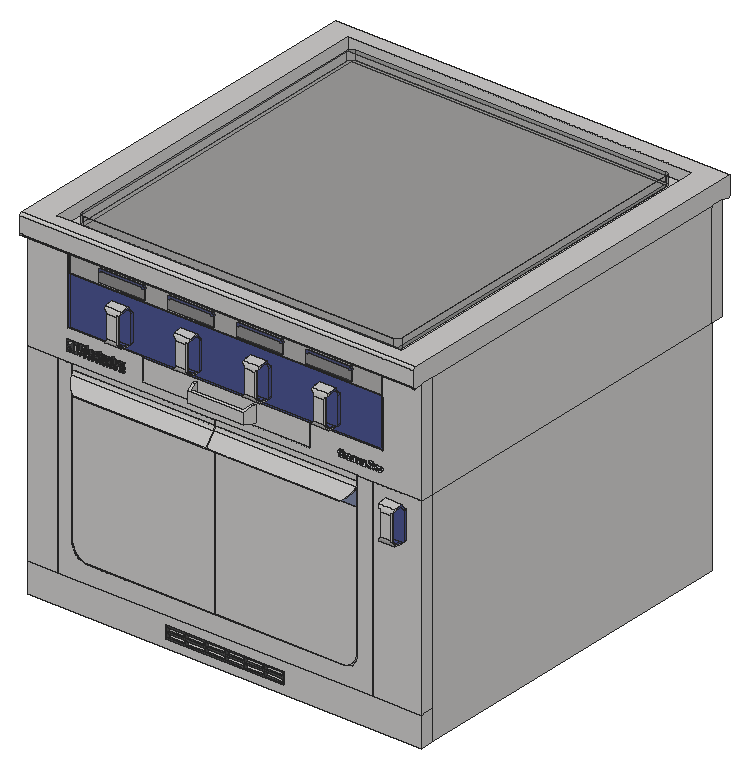
Revit family "QF_ELECTROLUXPROFESSIONAL_588469_MATHEAH4AO", category Attrezzature speciali, Revit 2020 (continued)
Definition of nested family "Front_Panel_W800_Four Knobs"
  Definition of nested family "ELX_Professional_Logo_Small"
    Forms (mm)
      Extrusion 2, solid, material <- "Material_Logo"
        sketch origin (15.5, 0, 0) x (1, 0, 0) y (0, 1, 0)
          loop
            spline (15.638, 1.633) -> (15.586, 2.396) -> (15.435, 3.124) -> (15.192, 3.81) -> (14.863, 4.449) -> (14.455, 5.034) -> (13.975, 5.56) -> (13.43, 6.021) -> (12.826, 6.411) -> (12.17, 6.724) -> (11.469, 6.955) -> (10.729, 7.098) -> (9.958, 7.147)
            spline (9.958, 7.147) -> (9.182, 7.098) -> (8.44, 6.955) -> (7.737, 6.724) -> (7.081, 6.411) -> (6.477, 6.021) -> (5.933, 5.56) -> (5.454, 5.034) -> (5.048, 4.449) -> (4.721, 3.81) -> (4.479, 3.124) -> (4.329, 2.396) -> (4.277, 1.633)
            spline (4.277, 1.633) -> (4.329, 0.869) -> (4.479, 0.141) -> (4.721, -0.544) -> (5.048, -1.183) -> (5.454, -1.768) -> (5.933, -2.294) -> (6.477, -2.755) -> (7.081, -3.145) -> (7.737, -3.459) -> (8.44, -3.69) -> (9.182, -3.833) -> (9.958, -3.882)
            spline (9.958, -3.882) -> (10.729, -3.833) -> (11.469, -3.69) -> (12.17, -3.459) -> (12.826, -3.145) -> (13.43, -2.755) -> (13.975, -2.294) -> (14.455, -1.768) -> (14.863, -1.183) -> (15.192, -0.544) -> (15.435, 0.141) -> (15.586, 0.869) -> (15.638, 1.633)
          loop
            spline (13.18, 1.633) -> (13.151, 2.083) -> (13.067, 2.513) -> (12.932, 2.918) -> (12.748, 3.296) -> (12.52, 3.642) -> (12.251, 3.954) -> (11.943, 4.227) -> (11.601, 4.459) -> (11.228, 4.645) -> (10.828, 4.782) -> (10.403, 4.867) -> (9.958, 4.896)
            spline (9.958, 4.896) -> (9.509, 4.867) -> (9.081, 4.782) -> (8.679, 4.645) -> (8.306, 4.459) -> (7.964, 4.227) -> (7.658, 3.954) -> (7.39, 3.642) -> (7.163, 3.296) -> (6.981, 2.918) -> (6.847, 2.513) -> (6.765, 2.083) -> (6.736, 1.633)
            spline (6.736, 1.633) -> (6.765, 1.182) -> (6.847, 0.753) -> (6.981, 0.347) -> (7.163, -0.031) -> (7.39, -0.377) -> (7.658, -0.689) -> (7.964, -0.962) -> (8.306, -1.193) -> (8.679, -1.38) -> (9.081, -1.517) -> (9.509, -1.602) -> (9.958, -1.631)
            spline (9.958, -1.631) -> (10.403, -1.602) -> (10.828, -1.517) -> (11.228, -1.38) -> (11.601, -1.193) -> (11.943, -0.962) -> (12.251, -0.689) -> (12.52, -0.377) -> (12.748, -0.031) -> (12.932, 0.347) -> (13.067, 0.753) -> (13.151, 1.182) -> (13.18, 1.633)
          loop
            line (17.162, 4.269) -> (17.162, -3.573) -> (19.642, -3.573) -> (19.642, 10.824) -> (17.162, 10.824) -> (17.162, 4.269)
          loop
            line (28.581, 6.838) -> (28.581, 0.786)
            spline (28.581, 0.786) -> (28.561, 0.393) -> (28.503, 0.038) -> (28.409, -0.279) -> (28.281, -0.559) -> (28.122, -0.802) -> (27.933, -1.011) -> (27.717, -1.185) -> (27.476, -1.325) -> (27.213, -1.433) -> (26.929, -1.509) -> (26.626, -1.554) -> (26.308, -1.569)
            spline (26.308, -1.569) -> (25.99, -1.554) -> (25.688, -1.509) -> (25.404, -1.434) -> (25.141, -1.326) -> (24.9, -1.187) -> (24.684, -1.014) -> (24.496, -0.807) -> (24.336, -0.565) -> (24.209, -0.288) -> (24.115, 0.026) -> (24.057, 0.376) -> (24.037, 0.765)
            line (24.037, 0.765) -> (24.037, 6.838) -> (21.537, 6.838) -> (21.537, 0.558)
            spline (21.537, 0.558) -> (21.581, -0.153) -> (21.71, -0.8) -> (21.916, -1.384) -> (22.195, -1.904) -> (22.54, -2.362) -> (22.944, -2.757) -> (23.403, -3.09) -> (23.909, -3.362) -> (24.456, -3.572) -> (25.04, -3.722) -> (25.652, -3.811) -> (26.288, -3.841)
            spline (26.288, -3.841) -> (26.929, -3.811) -> (27.547, -3.72) -> (28.135, -3.568) -> (28.687, -3.355) -> (29.197, -3.079) -> (29.66, -2.741) -> (30.068, -2.341) -> (30.415, -1.877) -> (30.696, -1.349) -> (30.905, -0.757) -> (31.034, -0.101) -> (31.079, 0.621)
            line (31.079, 0.621) -> (31.079, 6.838) -> (28.581, 6.838)
          loop
            line (40.457, -0.243) -> (38.894, 1.942) -> (40.83, 4.579) -> (42.488, 6.837) -> (39.782, 6.837) -> (37.53, 3.719) -> (35.258, 6.837) -> (32.573, 6.837) -> (34.113, 4.731) -> (36.167, 1.922) -> (34.014, -1.076) -> (32.222, -3.573) -> (34.887, -3.573) -> (37.53, 0.104) -> (40.174, -3.573) -> (42.839, -3.573) -> (40.457, -0.243)
          loop
            line (-46.121, -5.837) -> (-48.039, -5.837) -> (-48.039, -10.814) -> (-47.016, -10.814) -> (-47.016, -9.128) -> (-46.121, -9.128)
            arc (-46.121, -9.128) -> (-44.476, -7.482) -> (-46.121, -5.837) r 1.645
          loop
            line (-46.163, -6.778) -> (-47.016, -6.778) -> (-47.016, -8.187) -> (-46.163, -8.187)
            arc (-46.163, -8.187) -> (-45.458, -7.482) -> (-46.163, -6.778) r 0.704
          loop
            line (-38.313, -5.837) -> (-40.265, -5.837) -> (-40.265, -10.814) -> (-39.241, -10.814) -> (-39.241, -9.1) -> (-38.46, -9.182) -> (-37.48, -10.814) -> (-36.318, -10.814) -> (-37.513, -8.848)
            arc (-37.513, -8.848) -> (-36.888, -8.266) -> (-36.671, -7.441) r 1.536
            arc (-36.671, -7.441) -> (-37.165, -6.305) -> (-38.313, -5.837) r 1.643
          loop
            arc (-38.402, -8.166) -> (-37.707, -7.505) -> (-38.334, -6.778) r 0.696
            line (-38.334, -6.778) -> (-39.241, -6.778) -> (-39.241, -8.166) -> (-38.402, -8.166)
          loop
            circle (-29.965, -8.325) r 2.585
          loop
            circle (-29.965, -8.325) r 1.64
          loop
            line (-23.1, -5.837) -> (-23.1, -10.814) -> (-22.076, -10.814) -> (-22.076, -8.768) -> (-20.204, -8.768) -> (-20.204, -7.828) -> (-22.076, -7.828) -> (-22.076, -6.778) -> (-20.024, -6.778) -> (-20.024, -5.837) -> (-23.1, -5.837)
          loop
            line (-15.802, -5.837) -> (-15.802, -9.2)
            arc (-15.802, -9.2) -> (-15.343, -10.34) -> (-14.209, -10.814) r 1.593
            line (-14.209, -10.814) -> (-12.602, -10.814) -> (-12.602, -10.027) -> (-14.004, -10.027)
            arc (-14.004, -10.027) -> (-14.552, -9.8) -> (-14.779, -9.252) r 0.775
            line (-14.779, -9.252) -> (-14.779, -8.424) -> (-12.789, -8.424) -> (-12.789, -7.642) -> (-14.779, -7.642) -> (-14.779, -6.778) -> (-12.651, -6.778) -> (-12.651, -5.837) -> (-15.802, -5.837)
          loop
            line (-5.909, -7.143) -> (-5.173, -6.638)
            arc (-5.173, -6.638) -> (-5.855, -5.974) -> (-6.781, -5.755) r 1.782
            arc (-6.781, -5.755) -> (-7.397, -5.878) -> (-7.944, -6.189) r 1.974
            arc (-7.944, -6.189) -> (-8.202, -6.5) -> (-8.317, -6.888) r 1.013
            arc (-8.317, -6.888) -> (-8.306, -7.341) -> (-8.192, -7.78) r 1.985
            arc (-8.192, -7.78) -> (-7.749, -8.259) -> (-7.171, -8.563) r 1.928
            arc (-7.171, -8.563) -> (-6.637, -8.779) -> (-6.131, -9.056) r 5.041
            arc (-6.131, -9.056) -> (-5.934, -9.387) -> (-6.09, -9.74) r 0.42
            arc (-6.09, -9.74) -> (-6.631, -9.96) -> (-7.204, -9.845) r 1.016
            arc (-7.204, -9.845) -> (-7.625, -9.603) -> (-7.889, -9.196) r 1.033
            line (-7.889, -9.196) -> (-8.67, -9.686)
            arc (-8.67, -9.686) -> (-8.361, -10.198) -> (-7.908, -10.589) r 1.914
            arc (-7.908, -10.589) -> (-7.334, -10.834) -> (-6.714, -10.896) r 2.063
            arc (-6.714, -10.896) -> (-5.947, -10.743) -> (-5.256, -10.376) r 2.696
            arc (-5.256, -10.376) -> (-4.95, -9.565) -> (-5.108, -8.712) r 1.618
            arc (-5.108, -8.712) -> (-5.448, -8.319) -> (-5.884, -8.035) r 1.876
            arc (-5.884, -8.035) -> (-6.434, -7.789) -> (-6.999, -7.577) r 9.883
            arc (-6.999, -7.577) -> (-7.325, -7.07) -> (-6.854, -6.694) r 0.45
            arc (-6.854, -6.694) -> (-6.329, -6.809) -> (-5.909, -7.143) r 1.197
          loop
            line (1.61, -7.143) -> (2.345, -6.638)
            arc (2.345, -6.638) -> (1.663, -5.974) -> (0.737, -5.755) r 1.782
            arc (0.737, -5.755) -> (0.121, -5.878) -> (-0.425, -6.189) r 1.974
            arc (-0.425, -6.189) -> (-0.683, -6.5) -> (-0.799, -6.888) r 1.013
            arc (-0.799, -6.888) -> (-0.788, -7.341) -> (-0.674, -7.78) r 1.985
            arc (-0.674, -7.78) -> (-0.231, -8.259) -> (0.347, -8.563) r 1.928
            arc (0.347, -8.563) -> (0.881, -8.779) -> (1.387, -9.056) r 5.041
            arc (1.387, -9.056) -> (1.584, -9.387) -> (1.428, -9.74) r 0.42
            arc (1.428, -9.74) -> (0.887, -9.96) -> (0.314, -9.845) r 1.016
            arc (0.314, -9.845) -> (-0.107, -9.603) -> (-0.371, -9.196) r 1.033
            line (-0.371, -9.196) -> (-1.152, -9.686)
            arc (-1.152, -9.686) -> (-0.842, -10.198) -> (-0.39, -10.589) r 1.914
            arc (-0.39, -10.589) -> (0.184, -10.834) -> (0.804, -10.896) r 2.063
            arc (0.804, -10.896) -> (1.572, -10.743) -> (2.263, -10.376) r 2.696
            arc (2.263, -10.376) -> (2.568, -9.565) -> (2.411, -8.712) r 1.618
            arc (2.411, -8.712) -> (2.07, -8.319) -> (1.635, -8.035) r 1.876
            arc (1.635, -8.035) -> (1.084, -7.789) -> (0.519, -7.577) r 9.883
            arc (0.519, -7.577) -> (0.193, -7.07) -> (0.665, -6.694) r 0.45
            arc (0.665, -6.694) -> (1.189, -6.809) -> (1.61, -7.143) r 1.197
          loop
            line (6.801, -5.837) -> (6.801, -10.814) -> (7.825, -10.814) -> (7.825, -5.837) -> (6.801, -5.837)
          loop
            circle (14.724, -8.325) r 1.548
          loop
            circle (14.724, -8.325) r 2.585
          loop
            line (21.59, -10.814) -> (22.623, -10.814) -> (22.623, -7.685) -> (24.9, -10.814) -> (25.895, -10.814) -> (25.895, -5.837) -> (24.861, -5.837) -> (24.861, -9.061) -> (22.585, -5.837) -> (21.59, -5.837) -> (21.59, -10.814)
          loop
            line (31.054, -10.814) -> (31.539, -9.74) -> (33.38, -9.74) -> (33.865, -10.814) -> (34.965, -10.814) -> (32.46, -5.837) -> (29.956, -10.814) -> (31.054, -10.814)
          loop
            line (32.46, -7.698) -> (31.999, -8.719) -> (32.921, -8.719) -> (32.46, -7.698)
          loop
            line (40.047, -9.873) -> (40.047, -5.837) -> (39.024, -5.837) -> (39.024, -10.814) -> (41.961, -10.814) -> (41.961, -9.873) -> (40.047, -9.873)
          loop
            line (-74.986, -10.814) -> (-53.322, -10.814) -> (-53.322, 10.82) -> (-74.986, 10.82) -> (-74.986, -10.814)
          loop
            line (-61.261, 9.758) -> (-61.261, -9.707)
            arc (-61.261, -9.707) -> (-54.066, 0.025) -> (-61.261, 9.758) r 10.18
          loop
            line (-62.251, 8.349) -> (-62.251, 9.758)
            arc (-62.251, 9.758) -> (-70.347, 7.918) -> (-74.247, 0.59) r 9.976
            line (-74.247, 0.59) -> (-71.026, 0.59)
            arc (-71.026, 0.59) -> (-65.274, 2.925) -> (-62.251, 8.349) r 9.351
          loop
            arc (-74.247, -0.539) -> (-70.353, -7.928) -> (-62.251, -9.957) r 10.237
            line (-62.251, -9.957) -> (-62.251, -8.298)
            arc (-62.251, -8.298) -> (-65.274, -2.874) -> (-71.026, -0.539) r 9.351
            line (-71.026, -0.539) -> (-74.247, -0.539)
        from 0 to 1.644
    Dimensions and locks
      aligned and locked: plane 2 to Extrusion 1
      aligned and locked: level to Extrusion 1
Definition of nested family "H450H2_2DOOR"
  Parameters
    Width [instance] = 580 mm
    Wdoor [instance] = Width / 2  # 290 mm
    Show Clearance [instance] = yes
    Model = "727995"
    Height = 450 mm
    Default Elevation = 0 mm
  Reference planes
    plane 1 "Center (Front/Back)": y = 0
    plane 2: z = 0
    plane 3 "Center (Left/Right)": x = 36.042
    plane 4 "panel": z = 25
    plane 5: x = -253.958
    plane 6: x = 326.042
    plane 7: y = 450
    plane 8: z = 290
    plane 9: z = 45
  Forms (mm)
    Extrusion 1, solid
      sketch origin (0, -919.2, 0) x (1, 0, 0) y (0, 1, 0)
        loop
          line (-980.5, 2119.2) -> (-980.5, -162.846) -> (881.94, -162.846) -> (881.94, 2119.2) -> (-980.5, 2119.2)
      from 0 to -59.546
    Extrusion 2, solid
      sketch origin (0, 0, 0) x (1, 0, 0) y (0, 1, 0)
        loop
          line (324.042, 393) -> (37.042, 393) -> (37.042, 97) -> (294.042, 97)
          arc (294.042, 97) -> (315.255, 105.787) -> (324.042, 127) r 30
          line (324.042, 127) -> (324.042, 393)
        loop
          arc (-251.958, 127) -> (-243.171, 105.787) -> (-221.958, 97) r 30
          line (-221.958, 97) -> (35.042, 97) -> (35.042, 393) -> (-251.958, 393) -> (-251.958, 127)
      from 0 to 25
    Extrusion 3, solid
      sketch origin (0, 0, 0) x (1, 0, 0) y (0, 1, 0)
        loop
          line (-251.958, 393) -> (35.042, 393) -> (35.042, 440) -> (-251.958, 440) -> (-251.958, 393)
        loop
          line (37.042, 440) -> (37.042, 393) -> (324.042, 393) -> (324.042, 440) -> (37.042, 440)
      from 0 to 25
    Extrusion 4, solid
      sketch origin (5.581, 79.805, 0) x (1, 0, 0) y (0, 1, 0)
        loop
          line (-257.539, 360.195) -> (29.461, 360.195) -> (29.461, 370.195) -> (-257.539, 370.195) -> (-257.539, 360.195)
        loop
          line (31.461, 370.195) -> (31.461, 360.195) -> (318.461, 360.195) -> (318.461, 370.195) -> (31.461, 370.195)
      from 0 to 25
    Extrusion 5, solid
      sketch origin (36.042, 0, 0) x (0, 1, 0) y (0, 0, 1)
        loop
          line (426.693, 25) -> (440.02, 25)
          arc (440.02, 25) -> (435.261, 25.775) -> (430.993, 28.02) r 15
          line (430.993, 28.02) -> (406.653, 46.362) -> (403.644, 42.369) -> (426.693, 25)
      from 1 to 288
    Extrusion 6, solid
      sketch origin (36.042, 0, 0) x (0, 1, 0) y (0, 0, 1)
        loop
          line (426.693, 25) -> (440.02, 25)
          arc (440.02, 25) -> (435.261, 25.775) -> (430.993, 28.02) r 15
          line (430.993, 28.02) -> (406.653, 46.362) -> (403.644, 42.369) -> (426.693, 25)
      from -288 to -1
    Extrusion 7, void
      sketch origin (0, 0, 0) x (1, 0, 0) y (0, 1, 0)
        loop
          arc (324.042, 426.693) -> (314.508, 412.772) -> (300.317, 403.644) r 42.603
          line (300.317, 403.644) -> (324.042, 403.644) -> (324.042, 426.693)
      from 0 to 47.9
    Extrusion 8, void
      sketch origin (72.084, 0, 0) x (-1, 0, 0) y (0, -1, 0)
        loop
          line (324.042, -426.693) -> (324.042, -403.644) -> (300.317, -403.644)
          arc (300.317, -403.644) -> (314.508, -412.772) -> (324.042, -426.693) r 42.603
      from 0 to 47.9
    Extrusion 9, solid, detail levels coarse
      sketch origin (0, 0, 0) x (1, 0, 0) y (0, 0, 1)
        loop
          arc (36.042, 25) -> (-41.575, 212.383) -> (-228.958, 290) r 265
          line (-228.958, 290) -> (-228.958, 25) -> (36.042, 25)
      from -450 to -97
    Extrusion 10, solid, detail levels coarse
      sketch origin (0, 0, 0) x (1, 0, 0) y (0, 0, 1)
        loop
          arc (301.042, 290) -> (113.659, 212.383) -> (36.042, 25) r 265
          line (36.042, 25) -> (301.042, 25) -> (301.042, 290)
      from -450 to -97
  Cuts and joins
    Extrusion 8 cuts Extrusion 6
    Extrusion 7 cuts Extrusion 5
  Lines and regions (mm)
    symbolic lines
      curve 1: line (326.042, 0, 45) -> (326.042, 0, 290)
      curve 2: line (301.042, 0, 45) -> (301.042, 0, 290)
      curve 3: line (326.042, 0, 290) -> (301.042, 0, 290)
      curve 4: line (-253.958, 0, 45) -> (-253.958, 0, 290)
      curve 5: line (-228.958, 0, 45) -> (-228.958, 0, 290)
      curve 6: line (-253.958, 0, 290) -> (-228.958, 0, 290)
      curve 7: arc (301.042, 0, 290) -> (120.901, 0, 219.356) -> (36.804, 0, 45.088) r 265
      curve 8: arc (35.286, 0, 44.997) -> (-48.783, 0, 219.325) -> (-228.958, 0, 290) r 265
  Dimensions and locks
    plane 4 "panel" to level = 25 mm
    "Width": plane 5 to plane 6
    equal spacing: plane 5, plane 3 "Center (Left/Right)", plane 6
    "Height": plane 1 "Center (Front/Back)" to plane 7
    locked: plane 5 to Extrusion 2 sketch curve at 2
    locked: Extrusion 2 sketch curve to plane 6 at 2
    locked: plane 1 "Center (Front/Back)" to Extrusion 2 sketch curve at 97
    locked: plane 7 to Extrusion 2 sketch curve at 57
    locked: Extrusion 2 sketch curve to plane 3 "Center (Left/Right)" at 1
    locked: plane 3 "Center (Left/Right)" to Extrusion 2 sketch curve at 1
    Extrusion 3 sketch curve to Extrusion 2 = 47 mm
    "Wdoor": plane 8 to level
    locked: curve 2 to curve 1 at 25
    locked: curve 5 to curve 4 at 25
    plane 4 "panel" to plane 9 = 20 mm
    aligned and locked: plane 2 to Extrusion 1
    aligned and locked: level to Extrusion 1
    aligned and locked: plane 4 "panel" to Extrusion 2
    aligned and locked: Extrusion 2 to Extrusion 3 sketch curve
    aligned and locked: Extrusion 3 sketch curve to Extrusion 2  (x2)
    aligned and locked: Extrusion 3 sketch curve to Extrusion 3 sketch curve
    aligned and locked: plane 4 "panel" to Extrusion 3
    aligned and locked: Extrusion 4 sketch curve to Extrusion 4 sketch curve
    aligned and locked: Extrusion 4 sketch curve to Extrusion 3  (x3)
    aligned and locked: Extrusion 3 to Extrusion 4 sketch curve
    aligned and locked: Extrusion 4 sketch curve to plane 7
    aligned and locked: Extrusion 3 to Extrusion 5
    aligned and locked: Extrusion 5 to Extrusion 3
    aligned and locked: Extrusion 6 to Extrusion 3
    aligned and locked: Extrusion 3 to Extrusion 6
    aligned and locked: Extrusion 7 sketch curve to Extrusion 5
    aligned and locked: Extrusion 8 to Extrusion 6
    aligned and locked: Extrusion 4 to Extrusion 8
    aligned and locked: Extrusion 2 to Extrusion 7
    aligned and locked: Extrusion 7 to Extrusion 5
    aligned and locked: Extrusion 4 to Extrusion 3  (x2)
    aligned and locked: Extrusion 3 to Extrusion 2
    aligned and locked: Extrusion 4 to Extrusion 2
    aligned and locked: curve 3 to plane 8
    aligned and locked: curve 1 to plane 6
    aligned and locked: curve 4 to plane 5
    aligned and locked: Extrusion 9 sketch curve to plane 4 "panel"
    aligned and locked: Extrusion 10 sketch curve to curve 7
    aligned and locked: Extrusion 10 sketch curve to curve 2
    aligned and locked: Extrusion 2 to Extrusion 9
    aligned and locked: Extrusion 2 to Extrusion 10
    aligned and locked: plane 7 to Extrusion 9
    aligned and locked: Extrusion 3 to Extrusion 4
  Automatic sketch dimensions
    Extrusion 1 sketch curve to Extrusion 1 sketch curve = 1862.44 mm
    Extrusion 1 sketch curve to Extrusion 1 sketch curve = 2282.046 mm
    Extrusion 2 sketch curve to Extrusion 2 sketch curve = 30 mm  (x2)
    Extrusion 2 sketch curve to plane 1 "Center (Front/Back)" = 97 mm
    Extrusion 2 sketch curve to Extrusion 2 sketch curve = 0 mm
    Extrusion 3 sketch curve to plane 3 "Center (Left/Right)" = 1 mm
    plane 5 to Extrusion 3 sketch curve = 2 mm
    Extrusion 3 sketch curve to Extrusion 3 sketch curve = 0 mm
    Extrusion 5 sketch curve to plane 4 "panel" = 0 mm
    plane 4 "panel" to Extrusion 5 sketch curve = 17.369 mm
    Extrusion 5 sketch curve to plane 7 = 46.356 mm
    plane 4 "panel" to Extrusion 5 sketch curve = 21.362 mm
    Extrusion 5 sketch curve to Extrusion 5 sketch curve = 3.009 mm
    plane 4 "panel" to Extrusion 5 sketch curve = 3.02 mm
    Extrusion 5 sketch curve to Extrusion 5 sketch curve = 9.027 mm
    Extrusion 6 sketch curve to plane 4 "panel" = 0 mm
    plane 4 "panel" to Extrusion 6 sketch curve = 17.369 mm
    Extrusion 6 sketch curve to plane 7 = 46.356 mm
    plane 4 "panel" to Extrusion 6 sketch curve = 21.362 mm
    Extrusion 6 sketch curve to Extrusion 6 sketch curve = 3.009 mm
    plane 4 "panel" to Extrusion 6 sketch curve = 3.02 mm
    Extrusion 6 sketch curve to Extrusion 6 sketch curve = 9.027 mm
    Extrusion 7 sketch curve to Extrusion 7 sketch curve = 23.725 mm
    Extrusion 7 sketch curve to plane 7 = 6.671 mm
    Extrusion 7 sketch curve to plane 6 = 41.221 mm
    Extrusion 7 sketch curve to plane 7 = 23.307 mm
    plane 7 to Extrusion 8 sketch curve = 6.671 mm
    Extrusion 8 sketch curve to plane 5 = 41.221 mm
    Extrusion 8 sketch curve to plane 5 = 25.725 mm
    Extrusion 8 sketch curve to plane 5 = 2 mm
    plane 7 to Extrusion 8 sketch curve = 23.307 mm
    Extrusion 4 sketch curve to Extrusion 4 sketch curve = 10 mm
    Extrusion 4 sketch curve to plane 7 = 10 mm
    curve 2 to plane 9 = 0 mm
    curve 5 to plane 9 = 0 mm
    curve 4 to plane 9 = 0 mm
    curve 1 to plane 9 = 0 mm
    curve 8 to plane 4 "panel" = 0 mm
    curve 5 to plane 8 = 0 mm
    curve 8 to plane 9 = 0.003 mm
    curve 7 to plane 4 "panel" = 0 mm
    plane 9 to curve 7 = 0.088 mm
Definition of nested family "Warm"
  Reference planes
    plane 1 "Center (Front/Back)": y = 0
    plane 2: z = 0
    plane 3 "Center (Left/Right)": x = 0
  Lines and regions (mm)
    detail lines, in view "Ref. Level"
      curve 1: circle (-165.742, 180.331, 0) r 45 normal (0, 0, 1)
      curve 2: line (-165.742, 125.331, 0) -> (-165.742, 80.331, 0)
      curve 3: line (-165.742, 235.331, 0) -> (-165.742, 280.331, 0)
      curve 4: line (-105.742, 180.331, 0) -> (-65.742, 180.331, 0)
      curve 5: line (-220.742, 180.331, 0) -> (-265.742, 180.331, 0)
      curve 6: line (-126.851, 141.44, 0) -> (-95.031, 109.62, 0)
      curve 7: line (-204.632, 219.221, 0) -> (-236.452, 251.041, 0)
      curve 8: line (-126.851, 219.221, 0) -> (-95.031, 251.041, 0)
      curve 9: line (-204.632, 141.44, 0) -> (-236.452, 109.62, 0)
